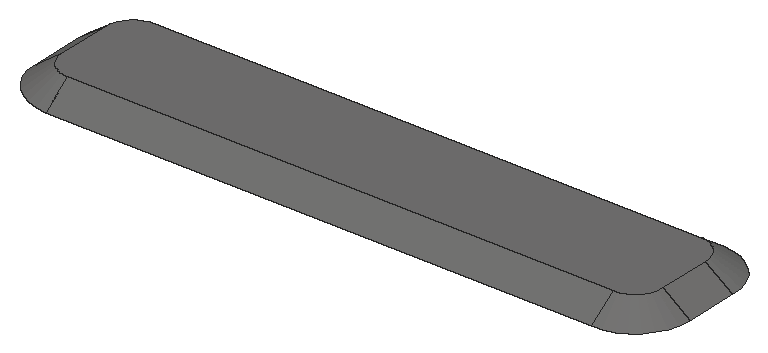
Revit family "Taktila - Objekt 3 - (Kort 120mm) - NCS8000", category Generic Models, host Face, Revit 2023
Family settings
  Host = Face
  Can host rebar = No
  Round Connector Dimension = Use Diameter
  Part Type = Normal
  Cut with Voids When Loaded = No
  Maintain Annotation Orientation = No
  Shared = No
  Room Calculation Point = No
Parameters
  Sklisikkerhet [instance] = "R10 (Ihht. DIN 51130-2104)"
  Mål [instance] = "L: 120mm / B: 30mm / H: 3,6mm"
  Materiale [instance] = "Resirkulert nylon plast. PA 15%gf"
  Innfesting [instance] = "3M™ VHB™ tape"
  Farge [instance] = "NCS 8000-N - Antrasitt Grå"
  EDP [instance] = "Miljødeklarasjon"
  Default Elevation = 1219.2 mm
Reference planes
  plane 1 "Center (Front/Back)": y = 0
  plane 2: z = 0
  plane 3 "Center (Left/Right)": x = 0
Dimensions and locks
  aligned and locked: plane 2 to host face
  aligned and locked: level to host face
Nested families
  nested 1: "Taktila - Objekt 3 - (Kort 120mm)" at (0, 0, 0), type "Objekt 3 - (Kort 120mm)"
Definition of nested family "Taktila - Objekt 3 - (Kort 120mm)"
  Parameters
    Objekt 3 - (Kort 120mm) = none
    Default Elevation = 0 mm
  Reference planes
    plane 1 "Center (Front/Back)": y = 0
    plane 2: z = 0
    plane 3 "Center (Left/Right)": x = 0
  Forms (mm)
    Blend 1, solid
      base sketch origin (0, 0, 0) x (1, 0, 0) y (0, 1, 0)
        loop
          line (-50, -15) -> (50, -15)
          arc (50, -15) -> (57.071, -12.071) -> (60, -5) r 10
          line (60, -5) -> (60, 5)
          arc (60, 5) -> (57.071, 12.071) -> (50, 15) r 10
          line (50, 15) -> (-50, 15)
          arc (-50, 15) -> (-57.071, 12.071) -> (-60, 5) r 10
          line (-60, 5) -> (-60, -5)
          arc (-60, -5) -> (-57.071, -12.071) -> (-50, -15) r 10
      top sketch origin (0, 0, 0) x (1, 0, 0) y (0, 1, 0)
        loop
          arc (-50, 10) -> (-53.536, 8.536) -> (-55, 5) r 5
          line (-55, 5) -> (-55, -5)
          arc (-55, -5) -> (-53.536, -8.536) -> (-50, -10) r 5
          line (-50, -10) -> (50, -10)
          arc (50, -10) -> (53.536, -8.536) -> (55, -5) r 5
          line (55, -5) -> (55, 5)
          arc (55, 5) -> (53.536, 8.536) -> (50, 10) r 5
          line (50, 10) -> (-50, 10)
      from 0 to 3.6
  Dimensions and locks
    aligned and locked: level to plane 2
